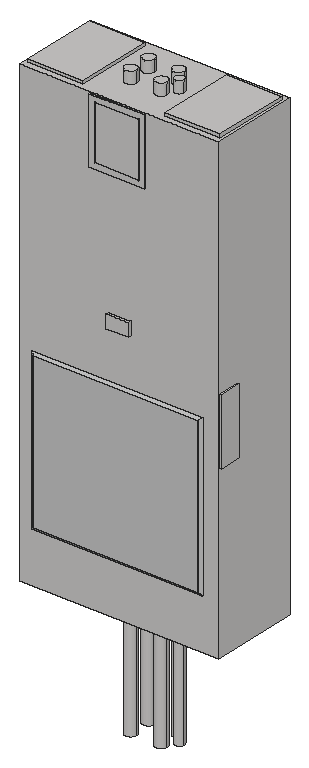
Revit family "Fan_Coil-Riser_Heat_Exchanger-Whalen-Vertical_Stacked-50_50", category Mechanical Equipment, Revit 2012
Parameters (values of type "1,600 CFM")
  zz YesNo 6 [instance] = not(and(zz YesNo 1, zz YesNo 3, zz YesNo 2, zz YesNo 5, zz YesNo 4))  # no
  zz YesNo 5 [instance] = zz Integer 2 = 1  # yes
  zz YesNo 4 [instance] = not(zz Integer 3 > 1)  # yes
  zz YesNo 3 [instance] = not(and(or(zz Integer 1 = 300, zz Integer 1 = 400, zz Integer 1 = 500, zz Integer 1 = 600), not(or(Risers are 0.75 Inch, Risers are 1.0 Inch))))  # yes
  zz YesNo 2 [instance] = not(and(or(zz Integer 1 = 401, zz Integer 1 = 501, zz Integer 1 = 601, zz Integer 1 = 800, zz Integer 1 = 1000, zz Integer 1 = 1200, zz Integer 1 = 1600), not(or(Risers are 1.25 Inch, Risers are 1.5 Inch, Risers are 2.0 Inch))))  # yes
  zz YesNo 1 [instance] = not(and(zz Integer 1 < 800, Motor is Full Range ECM Extra Low Control))  # yes
  zz Length 6 [instance] = zz Length 4 - 0.0625"  # 0.6250"
  zz Length 5 [instance] = if(Has Condensate Pump, 0.1250", 0.3750")  # 0.3750"
  zz Length 4 [instance] = if(or(zz Integer 1 = 300, zz Integer 1 = 400, zz Integer 1 = 500, zz Integer 1 = 600), if(Risers are 0.75 Inch, (0.7500" + (0.1250")) / 2, if(Risers are 1.0 Inch, (1.0000" + (0.1250")) / 2, (0.7500" + (0.1250")) / 2)), if(or(zz Integer 1 = 401, zz Integer 1 = 501, zz Integer 1 = 601, zz Integer 1 = 800, zz Integer 1 = 1000, zz Integer 1 = 1200, zz Integer 1 = 1600), if(Risers are 1.25 Inch, (1.2500" + (0.1250")) / 2, if(Risers are 1.5 Inch, (1.5000" + (0.1250")) / 2, if(Risers are 2.0 Inch, (2.0000" + (0.1250")) / 2, (1.2500" + (0.1250")) / 2))), 4.0000"))  # 0.6875"
  zz Length 3 [instance] = if(or(zz Integer 1 = 300, zz Integer 1 = 400, zz Integer 1 = 500, zz Integer 1 = 600), 24.0000", if(or(zz Integer 1 = 401, zz Integer 1 = 501, zz Integer 1 = 601), 28.0000", if(or(zz Integer 1 = 800, zz Integer 1 = 1000), 32.0000", if(or(zz Integer 1 = 1200, zz Integer 1 = 1600), 36.0000", 20.0000"))))  # 36.0000"
  zz Length 2 [instance] = if(zz Integer 1 < 1200, 14.0000", 16.0000")  # 16.0000"
  zz Length 1 [instance] = if(Unit is Short Height, 84.0000", 90.0000")  # 84.0000"
  zz Integer 3 [instance] = if(Has Outdoor Air Opening on Left, 1, 0) + if(Has Outdoor Air Opening on Right, 1, 0)  # 1
  zz Integer 2 [instance] = if(Risers are 0.75 Inch, 1, 0) + if(Risers are 1.0 Inch, 1, 0) + if(Risers are 1.25 Inch, 1, 0) + if(Risers are 1.5 Inch, 1, 0) + if(Risers are 2.0 Inch, 1, 0)  # 1
  zz Integer 1 = 1600
  zz ElectricalCurrent 2 [instance] = if(Motor is Standard Static PSC, if(zz Integer 1 = 300, 3.3 A, if(zz Integer 1 = 400, 3.3 A, if(zz Integer 1 = 401, 3.3 A, if(zz Integer 1 = 500, 3.3 A, if(zz Integer 1 = 501, 3.3 A, if(zz Integer 1 = 600, 3.3 A, if(zz Integer 1 = 601, 3.3 A, if(zz Integer 1 = 800, 4 A, if(zz Integer 1 = 1000, 4 A, if(zz Integer 1 = 1200, 5.8 A, if(zz Integer 1 = 1600, 7.5 A, 0 A))))))))))), if(Motor is Full Range ECM Extra Low Control, if(zz Integer 1 = 800, 10.5 A, if(zz Integer 1 = 1000, 10.5 A, if(zz Integer 1 = 1200, 15.5 A, if(zz Integer 1 = 1500, 15.5 A, 0 A)))), 0 A))  # 7.5 A
  zz ElectricalCurrent 1 [instance] = if(Motor is Standard Static PSC, if(zz Integer 1 = 300, 1.3 A, if(zz Integer 1 = 400, 1.3 A, if(zz Integer 1 = 401, 1.3 A, if(zz Integer 1 = 500, 1.3 A, if(zz Integer 1 = 501, 1.3 A, if(zz Integer 1 = 600, 1.3 A, if(zz Integer 1 = 601, 1.3 A, if(zz Integer 1 = 800, 1.3 A, if(zz Integer 1 = 1000, 1.8 A, if(zz Integer 1 = 1200, 1.8 A, if(zz Integer 1 = 1600, 3 A, 0 A))))))))))), if(Motor is Full Range ECM Extra Low Control, 8 A, 0 A))  # 3 A
  Width [instance] = zz Length 3  # 36.0000"
  Weight = 310.00 lbf
  Voltage is 265 V [instance] = no
  Voltage is 115 V [instance] = not(Voltage is 265 V)  # yes
  Voltage Selection [instance] = if(Voltage is 265 V, "Voltage is 265 V", "Voltage is 115 V")  # "Voltage is 115 V"
  Voltage [instance] = if(Voltage is 265 V, 265 V, 115 V)  # 115 V
  Unit is Short Height [instance] = not(Unit is Standard Height)  # yes
  Unit is Standard Height [instance] = no
  URL = "http://www.whalencompany.com/"
  Risers are 2.0 Inch [instance] = no
  Risers are 1.5 Inch [instance] = no
  Risers are 1.25 Inch [instance] = yes
  Risers are Insulated [instance] = yes
  Risers are 1.0 Inch [instance] = no
  Risers are 0.75 Inch [instance] = no
  Riser Size [instance] = if(zz Integer 2 > 1, "ERROR: Select only one riser size option", if(zz Integer 2 < 1, "ERROR: Select a riser size option", if(not(zz YesNo 3), "ERROR: Select a smaller riser size", if(not(zz YesNo 2), "ERROR: Select a larger riser size", if(Risers are 0.75 Inch, "0.75 Inch", if(Risers are 1.0 Inch, "1.0 Inch", if(Risers are 1.25 Inch, "1.25 Inch", if(Risers are 1.5 Inch, "1.5 Inch", if(Risers are 2.0 Inch, "2.0 Inch", "No Error")))))))))  # "1.25 Inch"
  Provide Feedback = "https://www.surveymonkey.com/s/T979TKY"
  Product Material = Steel - Whalen - Galvanized
  Product Documentation Link = "http://www.whalencompany.com/vertical_stack_fan_coil_equipment_5050.html"
  Power Factor = 0.8  # constant formula
  Motor Selection [instance] = if(and(zz Integer 1 < 800, Motor is Full Range ECM Extra Low Control), "ERROR: ECM motor not available on units less than 800 CFM", if(Motor is Standard Static PSC, "Standard Static PSC", "ECM Full Range Extra Low Control"))  # "Standard Static PSC"
  Minimum Circuit Ampacity [instance] = if(Voltage is 265 V, zz ElectricalCurrent 1, zz ElectricalCurrent 2)  # 7.5 A
  Has Rear Return Air [instance] = no
  Part Number [instance] = Model  # "W16022"
  Part Description [instance] = Description  # "50/50 Riser Heat-Exchanger Vertical Fan-Coil Units, 1600 CFM"
  Outdoor Air Configuration [instance] = if(zz YesNo 4, if(Has Outdoor Air Opening on Left, "Opening on the Left", if(Has Outdoor Air Opening on Right, "Opening on the Right", "Has No Outdoor Air")), "ERROR: Select only one outdoor air option")  # "Opening on the Right"
  Original Creation Date = "10/3/2013"  # constant formula
  Motor is Standard Static PSC [instance] = yes
  Motor is Full Range ECM Extra Low Control [instance] = not(Motor is Standard Static PSC)  # no
  Model Disclaimer = "Contact The Whalen Company for More Information"  # constant formula
  Load Classification = HVAC
  Model = if(zz Integer 1 = 300, "W3022", if(zz Integer 1 = 400, "W4022", if(zz Integer 1 = 401, "W4022X", if(zz Integer 1 = 500, "W5022", if(zz Integer 1 = 501, "W5022X", if(zz Integer 1 = 600, "W6022", if(zz Integer 1 = 601, "W6022X", if(zz Integer 1 = 800, "W8022", if(zz Integer 1 = 1000, "W10022", if(zz Integer 1 = 1200, "W12022", if(zz Integer 1 = 1600, "W16022", "Not Available")))))))))))  # "W16022"
  Manufacturer = "The Whalen Company"  # constant formula
  Height [instance] = zz Length 1  # 84.0000"
  Has Outdoor Air Opening on Right [instance] = yes
  Has Outdoor Air Opening on Left [instance] = no
  Has Condensate Pump [instance] = no
  Has Top Terminated Risers [instance] = no
  Gallons Per Minute [instance] = if(Risers are 0.75 Inch, 1.07 CFM, if(Risers are 1.0 Inch, 2.01 CFM, if(Risers are 1.25 Inch, 3.07 CFM, if(Risers are 1.5 Inch, 4.41 CFM, if(Risers are 2.0 Inch, 7.89 CFM, 0 CFM)))))  # 22.9652 GPM
  Frequency = 60 Hz  # constant formula
  Depth [instance] = zz Length 2  # 16.0000"
  Family Version = "1.1.0"  # constant formula
  Equipment Number [instance] = ""
  Equipment Abbreviation = "5050"
  Description = if(zz Integer 1 = 300, "50/50 Riser Heat-Exchanger Vertical Fan-Coil Units, 300 CFM", if(zz Integer 1 = 400, "50/50 Riser Heat-Exchanger Vertical Fan-Coil Units, 400 CFM", if(zz Integer 1 = 401, "50/50 Riser Heat-Exchanger Vertical Fan-Coil Units, 400 CFM", if(zz Integer 1 = 500, "50/50 Riser Heat-Exchanger Vertical Fan-Coil Units, 500 CFM", if(zz Integer 1 = 501, "50/50 Riser Heat-Exchanger Vertical Fan-Coil Units, 500 CFM", if(zz Integer 1 = 600, "50/50 Riser Heat-Exchanger Vertical Fan-Coil Units, 600 CFM", if(zz Integer 1 = 601, "50/50 Riser Heat-Exchanger Vertical Fan-Coil Units, 600 CFM", if(zz Integer 1 = 800, "50/50 Riser Heat-Exchanger Vertical Fan-Coil Units, 800 CFM", if(zz Integer 1 = 1000, "50/50 Riser Heat-Exchanger Vertical Fan-Coil Units, 1000 CFM", if(zz Integer 1 = 1200, "50/50 Riser Heat-Exchanger Vertical Fan-Coil Units, 1200 CFM", if(zz Integer 1 = 1600, "50/50 Riser Heat-Exchanger Vertical Fan-Coil Units, 1600 CFM", "Not Available")))))))))))  # "50/50 Riser Heat-Exchanger Vertical Fan-Coil Units, 1600 CFM"
  Date Last Modified = "1/8/2013"  # constant formula
  Copyright = "Copyright © The Whalen Company"  # constant formula
  Configuration Error [instance] = if(zz Integer 2 > 1, "ERROR: Select only one riser size option", if(zz Integer 2 < 1, "ERROR: Select a riser size option", if(not(zz YesNo 3), "ERROR: Select a smaller riser size", if(not(zz YesNo 2), "ERROR: Select a larger riser size", if(zz Integer 3 > 1, "ERROR: Select only one outdoor air option", if(not(zz YesNo 1), "ERROR: ECM motor not available on units less than 800 CFM", "No Error, consider Air Supply Selection if error box remains"))))))  # "No Error, consider Air Supply Selection if error box remains"
  Assembly Code = ""
  Apparent Load [instance] = Minimum Circuit Ampacity * Voltage  # 862.5 VA
  Air Supply Selection [instance] = Air Supply : Type V, Ducted
  Actual Supply Air Flow = 1600 CFM
  Actual Return Air Flow = 1600 CFM
  Actual Condensate Drain Flow [instance] = 0 GPM
Reference planes (in)
  plane 1 "Center (Front/Back)": y = 0
  plane 2 "Work Plane": z = 0
  plane 3 "Center (Left/Right)": x = 0
Dimensions and locks (in)
  aligned and locked: plane 2 "Work Plane" to level
Nested families (in)
  nested 1: "Air Supply" at (0, 0, 0), type <- "Air Supply Selection", Type <- "zz Integer 1", Risers are Insulated <- "Risers are Insulated", Riser Size Actual Radius <- "zz Length 4", Product Material <- "Product Material", Has Top Terminated Risers <- "Has Top Terminated Risers", Has Rear Return Air <- "Has Rear Return Air", Has Outdoor Air Opening on Right <- "Has Outdoor Air Opening on Right", Has Outdoor Air Opening on Left <- "Has Outdoor Air Opening on Left", Has Condensate Pump <- "Has Condensate Pump", Error From Parent <- "zz YesNo 6", Cabinet Width <- "zz Length 3", Cabinet Height <- "zz Length 1", Cabinet Depth <- "zz Length 2", Unit is Standard Height <- "Unit is Standard Height", type "Type V, Ducted"
    with Y3 10.0000", Y1 6.0000", X3 20.7500", X2 15.2500", X1 13.5000", W2 10.0000", W When Discharge 30.0000", W When Access 8.0000", W Actual 8.0000", Unit is Standard Height no, Unit is Short Height yes, Type 1600, Top Terminated Riser Line is Visible no, Top Riser Lines are Visible yes, Top Drain Lines are Visible yes, Top yes, Risers are Insulated yes, Riser Size Actual Radius With Insulation 1.0625", Riser Size Actual Radius 0.6875", Riser Size Actual Drain Radius With Insulation 0.8125", Riser Extension Top Lines 86.0000", Riser Extension Top Condensate 2.0000", Riser Extension Top 2.0000", Riser Extension Lower 22.0000", Return Grill Width 30.0000", Rear Return Air is Visible no, Rear Return Air Width 10.0000", Product Material Steel - Whalen - Galvanized, Outdoor Air is Visible yes, Outdoor Air Offset X 36.5000", Outdoor Air Offset 31.0000", Outdoor Air Height 12.0000", Has Top Terminated Risers no, Has Rear Return Air no, Has Outdoor Air Opening on Right yes, Has Outdoor Air Opening on Left no, Has Condensate Pump no, H When Discharge 4.0000", H When Access 10.0000", H Actual 10.0000", Front Flange is Visible no, Front no, Error From Parent no, Error Box is Visible no, Drain Z 3.0000", Drain Riser Line is Visible yes, Drain Connector Y 4.0000", Drain Angle 0.00°, D 14.0000", Connection Top Thermostat Z 6.7500", Connection Top Thermostat Y 3.7500", Connection Top Thermostat X 0.0000", Connection Top Thermostat Angle 0.00°, Connection Top Power Z 9.7500", Connection Top Power Y 3.7500", Connection Top Power X 36.0000", Connection Top Power Angle 180.00°, Connection Thermostat Right X 36.0000", Connection Thermostat Right Angle 180.00°, Connection Thermostat Left X 0.0000", Connection Thermostat Left Angle 0.00°, Connection P 9.7500", Connection D 3.7500", Condensate Pump is Visible no, Cabinet is Visible yes, Cabinet Width 36.0000", Cabinet Height 84.0000", Cabinet Depth 16.0000", Back no, Access Panel is Visible yes
Connectors (in)
  piping at (-2.75, 2, 86), driven by "zz Length 6"
    settings: on nested 1, index 1, connector radius 5/8", flow factor 0, pipe flow 0 GPM, pressure drop 0 Pa, fitting loss kfactor 0, connector angle 0.00°, fixture units 0, engagement length 0.0000", flow configuration 0, flow direction 0, fitting loss method 0, system type 29, joint type 0, gender type 0, connector reference index 8, connector utility 0, adjustable connector no, is connector primary yes, fitting loss table "", connector description "Return Left Top"
  piping at (-2.75, -2, 86), driven by "zz Length 6"
    settings: on nested 1, index 2, connector radius 5/8", flow factor 0, pipe flow 0 GPM, pressure drop 0 Pa, fitting loss kfactor 0, connector angle 0.00°, fixture units 0, engagement length 0.0000", flow configuration 0, flow direction 0, fitting loss method 0, system type 29, joint type 0, gender type 0, connector reference index 7, connector utility 0, adjustable connector no, is connector primary no, fitting loss table "", connector description "Supply Left Top"
  piping at (2.75, -2, 86), driven by "zz Length 6"
    settings: on nested 1, index 3, connector radius 5/8", flow factor 0, pipe flow 0 GPM, pressure drop 0 Pa, fitting loss kfactor 0, connector angle 0.00°, fixture units 0, engagement length 0.0000", flow configuration 0, flow direction 0, fitting loss method 0, system type 29, joint type 0, gender type 0, connector reference index 5, connector utility 0, adjustable connector no, is connector primary no, fitting loss table "", connector description "Supply Right Top"
  piping at (2.75, 2, 86), driven by "zz Length 6"
    settings: on nested 1, index 4, connector radius 5/8", flow factor 0, pipe flow 0 GPM, pressure drop 0 Pa, fitting loss kfactor 0, connector angle 0.00°, fixture units 0, engagement length 0.0000", flow configuration 0, flow direction 0, fitting loss method 0, system type 29, joint type 0, gender type 0, connector reference index 6, connector utility 0, adjustable connector no, is connector primary no, fitting loss table "", connector description "Return Right Top"
  piping at (2.75, -2, -22), driven by "zz Length 6"
    settings: on nested 1, index 5, connector radius 5/8", flow factor 0, pipe flow 0 GPM, pressure drop 0 Pa, fitting loss kfactor 0, connector angle 0.00°, fixture units 0, engagement length 0.0000", flow configuration 0, flow direction 0, fitting loss method 0, system type 29, joint type 0, gender type 0, connector reference index 3, connector utility 0, adjustable connector no, is connector primary no, fitting loss table "", connector description "Supply Right Bottom"
  piping at (2.75, 2, -22), driven by "zz Length 6"
    settings: on nested 1, index 6, connector radius 5/8", flow factor 0, pipe flow 0 GPM, pressure drop 0 Pa, fitting loss kfactor 0, connector angle 0.00°, fixture units 0, engagement length 0.0000", flow configuration 0, flow direction 0, fitting loss method 0, system type 29, joint type 0, gender type 0, connector reference index 4, connector utility 0, adjustable connector no, is connector primary no, fitting loss table "", connector description "Return Right Bottom"
  piping at (-2.75, -2, -22), driven by "zz Length 6"
    settings: on nested 1, index 7, connector radius 5/8", flow factor 0, pipe flow 0 GPM, pressure drop 0 Pa, fitting loss kfactor 0, connector angle 0.00°, fixture units 0, engagement length 0.0000", flow configuration 0, flow direction 0, fitting loss method 0, system type 29, joint type 0, gender type 0, connector reference index 2, connector utility 0, adjustable connector no, is connector primary no, fitting loss table "", connector description "Supply Left Bottom"
  piping at (-2.75, 2, -22), driven by "zz Length 6"
    settings: on nested 1, index 8, connector radius 5/8", flow factor 0, pipe flow 0 GPM, pressure drop 0 Pa, fitting loss kfactor 0, connector angle 0.00°, fixture units 0, engagement length 0.0000", flow configuration 0, flow direction 0, fitting loss method 0, system type 29, joint type 0, gender type 0, connector reference index 1, connector utility 0, adjustable connector no, is connector primary no, fitting loss table "", connector description "Return Left Bottom"
  piping at (4.5, -4, 3), driven by "Actual Condensate Drain Flow", driven by "zz Length 5"
    settings: on nested 1, index 9, connector radius 3/8", flow factor 0, pipe flow 0 GPM, pressure drop 0 Pa, fitting loss kfactor 0, connector angle 0.00°, fixture units 0, engagement length 0.0000", flow configuration 1, flow direction 2, fitting loss method 0, system type 16, joint type 0, gender type 0, connector reference index -1, connector utility 0, adjustable connector no, is connector primary no, fitting loss table "", connector description "Drain"
  cabletrayconduit at (18, -4.25, 9.75)
    settings: on nested 1, index 10, connector width 12.0000", connector height 12.0000", connector radius 0.2500", connector angle 0.00°, system type 32, placement type 0, profile type 0, connector reference index -1, is primary connector yes, connector utility param no, connector description "Side Power Right"
  cabletrayconduit at (-18, -4.25, 6.75)
    settings: on nested 1, index 11, connector width 12.0000", connector height 12.0000", connector radius 0.2500", connector angle 0.00°, system type 32, placement type 0, profile type 0, connector reference index -1, is primary connector no, connector utility param no, connector description "Optional Remote Thermostat Right"
  cabletrayconduit at (-18, -4.25, 9.75)
    settings: on nested 1, index 12, connector width 12.0000", connector height 12.0000", connector radius 0.2500", connector angle 0.00°, system type 32, placement type 0, profile type 0, connector reference index -1, is primary connector no, connector utility param no, connector description "Side Power Left"
  cabletrayconduit at (-18, -4.25, 6.75)
    settings: on nested 1, index 13, connector width 12.0000", connector height 12.0000", connector radius 0.2500", connector angle 0.00°, system type 32, placement type 0, profile type 0, connector reference index -1, is primary connector no, connector utility param no, connector description "Optional Remote Thermostat Left"
  cabletrayconduit at (18, -4.25, 9.75)
    settings: on nested 1, index 14, connector width 12.0000", connector height 12.0000", connector radius 0.2500", connector angle 0.00°, system type 32, placement type 0, profile type 0, connector reference index -1, is primary connector no, connector utility param no, connector description "Optional Top Power"
  cabletrayconduit at (-18, -4.25, 6.75)
    settings: on nested 1, index 15, connector width 12.0000", connector height 12.0000", connector radius 0.2500", connector angle 0.00°, system type 32, placement type 0, profile type 0, connector reference index -1, is primary connector no, connector utility param no, connector description "Optional Top Thermostat"
  electrical at (0, 0, 0), driven by "Load Classification", driven by "Voltage", driven by "Apparent Load", driven by "Power Factor"
    settings: index 16, voltage 115 V, apparent load 862.5 VA, apparent load phase1 0 VA, apparent load phase2 0 VA, apparent load phase3 0 VA, power factor 0.8, load classification "HVAC", number of poles 1, system type 30, power factor state 1, is connector primary yes, connector utility no, sub classification motor no, connector description "Unit Power"
Definition of nested family "Air Supply"
  Parameters (values of type "Type V, Ducted")
    Unit is Standard Height [instance] = yes
    Unit is Short Height [instance] = not(Unit is Standard Height)  # no
    Type Discharge = 5
    Y3 [instance] = if(Type = 300, 8.2500", if(Type = 400, 8.2500", if(Type = 401, 9.0000", if(Type = 500, 8.2500", if(Type = 501, 9.0000", if(Type = 600, 8.2500", if(Type = 601, 9.0000", if(Type = 800, 9.0000", if(Type = 1000, 9.0000", if(Type = 1200, 10.0000", if(Type = 1600, 10.0000", 0.0000")))))))))))  # 10.0000"
    Y1 [instance] = if(Type = 300, 5.7500", if(Type = 400, 5.7500", if(Type = 401, 5.0000", if(Type = 500, 5.7500", if(Type = 501, 5.0000", if(Type = 600, 5.7500", if(Type = 601, 5.0000", if(Type = 800, 5.0000", if(Type = 1000, 5.0000", if(Type = 1200, 6.0000", if(Type = 1600, 6.0000", 0.0000")))))))))))  # 6.0000"
    X3 [instance] = if(Type = 300, 13.7500", if(Type = 400, 13.7500", if(Type = 401, 16.7500", if(Type = 500, 13.7500", if(Type = 501, 16.7500", if(Type = 600, 13.7500", if(Type = 601, 16.7500", if(Type = 800, 18.7500", if(Type = 1000, 18.7500", if(Type = 1200, 20.7500", if(Type = 1600, 20.7500", 0.0000")))))))))))  # 20.7500"
    X2 [instance] = if(Type = 300, 10.2500", if(Type = 400, 10.2500", if(Type = 401, 11.2500", if(Type = 500, 10.2500", if(Type = 501, 11.2500", if(Type = 600, 10.2500", if(Type = 601, 11.2500", if(Type = 800, 13.2500", if(Type = 1000, 13.2500", if(Type = 1200, 15.2500", if(Type = 1600, 15.2500", 0.0000")))))))))))  # 15.2500"
    X1 [instance] = if(Has Condensate Pump, if(or(Type = 300, Type = 400, Type = 500, Type = 600), 11.5000", if(or(Type = 401, Type = 501, Type = 601), 13.0000", if(or(Type = 800, Type = 1000), 15.0000", if(or(Type = 1200, Type = 1600), 17.0000", 5.0000")))), if(not(Has Condensate Pump), if(or(Type = 300, Type = 400, Type = 500, Type = 600), 9.0000", if(or(Type = 401, Type = 501, Type = 601), 9.5000", if(or(Type = 800, Type = 1000), 11.5000", if(or(Type = 1200, Type = 1600), 13.5000", 5.0000")))), 5.0000"))  # 13.5000"
    Type [instance] = 1600
    Top Terminated Riser Line is Visible [instance] = and(Has Top Terminated Risers, not(Error Box is Visible))  # no
    Rear Return Air is Visible [instance] = and(not(Error Box is Visible), Has Rear Return Air)  # yes
    Rear Return Air Width [instance] = if(Type < 800, 8.0000", 10.0000")  # 10.0000"
    Outdoor Air Offset X [instance] = if(Has Outdoor Air Opening on Left, 0.0000", Cabinet Width + 0.5000")  # 36.5000"
    Outdoor Air Offset [instance] = if(Type < 1200, 4.0000", 31.0000")  # 31.0000"
    Outdoor Air Height [instance] = if(Type < 602, 10.0000", 12.0000")  # 12.0000"
    Has Rear Return Air [instance] = yes
    Outdoor Air is Visible [instance] = and(or(Has Outdoor Air Opening on Left, Has Outdoor Air Opening on Right), not(Error Box is Visible))  # no
    Front Flange is Visible [instance] = and(or(Type Discharge = 1, Type Discharge = 2), not(Error Box is Visible))  # no
    Error From Parent [instance] = no
    Error Box is Visible [instance] = Error From Parent  # no
    Connection Top Thermostat Z [instance] = if(and(Type Discharge = 5, Unit is Short Height), Connection P - 3.0000", Cabinet Height)  # 90.0000"
    Connection Top Thermostat Y [instance] = if(and(Type Discharge = 5, Unit is Short Height), Connection D, if(Type Discharge = 5, 1.5000", Cabinet Depth - 4.0000"))  # 1.5000"
    Connection Top Thermostat X [instance] = if(and(Type Discharge = 5, Unit is Short Height), if(Has Outdoor Air Opening on Right, 0.0000", Cabinet Width), if(Type Discharge = 5, (Cabinet Width / 2) + 2.0000", 4.0000"))  # 20.0000"
    Connection Top Power Z [instance] = if(and(Type Discharge = 5, Unit is Short Height), Connection P, Cabinet Height)  # 90.0000"
    Connection Top Power Y [instance] = if(and(Type Discharge = 5, Unit is Short Height), Connection D, if(Type Discharge = 5, 1.5000", 4.0000"))  # 1.5000"
    Connection Top Power X [instance] = if(and(Type Discharge = 5, Unit is Short Height), Cabinet Width, if(Type Discharge = 5, (Cabinet Width / 2) - 2.0000", 4.0000"))  # 16.0000"
    Connection Top Thermostat Angle [instance] = if(and(Type Discharge = 5, Unit is Short Height), if(Has Outdoor Air Opening on Right, 0.00°, 180.00°), 90.00°)  # 90.00°
    Connection Top Power Angle [instance] = if(and(Type Discharge = 5, Unit is Short Height), 180.00°, 90.00°)  # 90.00°
    Connection Thermostat Right Angle [instance] = if(Has Outdoor Air Opening on Right, 180.00°, 0.00°)  # 0.00°
    Connection Thermostat Left Angle [instance] = if(Has Outdoor Air Opening on Left, 180.00°, 0.00°)  # 0.00°
    Condensate Pump is Visible [instance] = and(Has Condensate Pump, not(Error Box is Visible))  # no
    Cabinet is Visible [instance] = not(Error Box is Visible)  # yes
    Cabinet Width [instance] = 36.0000"
    W2 [instance] = if(or(Type = 300, Type = 400, Type = 401, Type = 500, Type = 501, Type = 600, Type = 601), 6.0000", if(or(Type = 800, Type = 1000), 8.0000", if(or(Type = 1200, Type = 1600), 10.0000", 4.0000")))  # 10.0000"
    W When Discharge [instance] = if(or(Type = 300, Type = 400, Type = 401, Type = 500, Type = 501, Type = 600, Type = 601), 18.0000", if(or(Type = 800, Type = 1000), 26.0000", if(or(Type = 1200, Type = 1600), 30.0000", 4.0000")))  # 30.0000"
    W When Access [instance] = if(Type < 1200, 10.0000", 8.0000")  # 8.0000"
    W Actual [instance] = if(Type Discharge = 5, W When Access, W When Discharge)  # 8.0000"
    Top Riser Lines are Visible [instance] = and(not(Has Top Terminated Risers), not(Error Box is Visible))  # yes
    Top Drain Lines are Visible [instance] = and(not(and(Has Top Terminated Risers, not(Has Condensate Pump))), not(Error Box is Visible))  # yes
    Top [instance] = and(Type Discharge = 5, not(Error Box is Visible))  # yes
    Risers are Insulated [instance] = yes
    Riser Size Actual Radius With Insulation [instance] = if(Risers are Insulated, Riser Size Actual Radius + 0.3750", Riser Size Actual Radius)  # 1.0625"
    Riser Size Actual Radius [instance] = 0.6875"
    Riser Size Actual Drain Radius With Insulation [instance] = if(Has Condensate Pump, 0.1250", if(Risers are Insulated, 0.4375" + 0.3750", 0.4375"))  # 0.8125"
    Riser Extension Top Lines [instance] = if(Has Top Terminated Risers, Cabinet Height - 4.0000", Cabinet Height + 2.0000")  # 92.0000"
    Riser Extension Top Condensate [instance] = if(Has Condensate Pump, 0.0000", if(Has Top Terminated Risers, 0.0000", 2.0000"))  # 2.0000"
    Riser Extension Top [instance] = if(Has Top Terminated Risers, 0.0000", 2.0000")  # 2.0000"
    Riser Extension Lower [instance] = if(Has Condensate Pump, 0.0000", if(Unit is Standard Height, 16.0000", if(Unit is Short Height, 22.0000", 4.0000")))  # 16.0000"
    Return Grill Width [instance] = if(Type = 300, 18.0000", if(Type = 400, 18.0000", if(Type = 401, 24.0000", if(Type = 500, 18.0000", if(Type = 501, 24.0000", if(Type = 600, 18.0000", if(Type = 601, 24.0000", if(Type = 800, 26.0000", if(Type = 1000, 26.0000", if(Type = 1200, 30.0000", if(Type = 1600, 30.0000", 0.0000")))))))))))  # 30.0000"
    Product Material [instance] = Steel - Whalen - Galvanized
    Cabinet Height [instance] = 90.0000"
    Has Top Terminated Risers [instance] = no
    Has Outdoor Air Opening on Right [instance] = no
    Has Outdoor Air Opening on Left [instance] = no
    Has Condensate Pump [instance] = no
    H When Discharge [instance] = if(Type Discharge = 1, if(or(Type = 300, Type = 400, Type = 401), 8.0000", if(or(Type = 500, Type = 501, Type = 600, Type = 601, Type = 800, Type = 1000, Type = 1200), 10.0000", if(Type = 1600, 12.0000", 4.0000"))), if(Type Discharge = 2, if(or(Type = 300, Type = 400, Type = 401), 4.0000", if(or(Type = 500, Type = 501, Type = 600, Type = 601, Type = 800, Type = 1000, Type = 1200), 5.0000", if(Type = 1600, 6.0000", 4.0000"))), 4.0000"))  # 4.0000"
    H When Access [instance] = if(Type < 1200, 8.0000", 10.0000")  # 10.0000"
    H Actual [instance] = if(Type Discharge = 5, H When Access, H When Discharge)  # 10.0000"
    Front [instance] = and(or(Type Discharge = 1, Type Discharge = 2), not(Error Box is Visible))  # no
    Drain Z [instance] = if(Has Condensate Pump, Cabinet Height, 3.0000")  # 3.0000"
    Drain Riser Line is Visible [instance] = and(not(Has Condensate Pump), not(Error Box is Visible))  # yes
    Drain Connector Y [instance] = if(Has Condensate Pump, Cabinet Depth / 2, (Cabinet Depth / 2) - 4.0000")  # 4.0000"
    Drain Angle [instance] = if(Has Condensate Pump, 90.00°, 0.00°)  # 0.00°
    Cabinet Depth [instance] = 16.0000"
    D [instance] = if(Type < 1200, 12.0000", 14.0000")  # 14.0000"
    Connection Thermostat Right X [instance] = if(Has Outdoor Air Opening on Right, Cabinet Width, 0.0000")  # 0.0000"
    Connection Thermostat Left X [instance] = if(Has Outdoor Air Opening on Left, Cabinet Width, 0.0000")  # 0.0000"
    Connection P [instance] = if(Type = 300, 17.5000", if(Type = 400, 17.5000", if(Type = 401, 17.5000", if(Type = 500, 17.5000", if(Type = 501, 17.5000", if(Type = 600, 17.5000", if(Type = 601, 17.5000", if(Type = 800, 17.5000", if(Type = 1000, 17.5000", if(Type = 1200, 9.7500", if(Type = 1600, 9.7500", 0.0000")))))))))))  # 9.7500"
    Connection D [instance] = if(Type = 300, 4.0000", if(Type = 400, 4.0000", if(Type = 401, 3.2500", if(Type = 500, 4.0000", if(Type = 501, 3.2500", if(Type = 600, 4.0000", if(Type = 601, 3.2500", if(Type = 800, 3.7500", if(Type = 1000, 3.7500", if(Type = 1200, 3.7500", if(Type = 1600, 3.7500", 0.0000")))))))))))  # 3.7500"
    Back [instance] = and(Type Discharge = 2, not(Error Box is Visible))  # no
    Access Panel is Visible [instance] = and(Type Discharge = 5, not(Error Box is Visible))  # yes
  Types (3): name | Type Discharge | Y3 | Y1 | X3 | X2 | X1 | Type | Top Terminated Riser Line is Visible | Rear Return Air is Visible | Rear Return Air Width | Outdoor Air Offset X | Outdoor Air Offset | Outdoor Air Height | Has Rear Return Air | Outdoor Air is Visible | Front Flange is Visible | Connection Top Thermostat Z | Connection Top Thermostat Y | Connection Top Thermostat X | Connection Top Power Z | Connection Top Power Y | Connection Top Power X | Connection Thermostat Right Angle | Connection Thermostat Left Angle | Condensate Pump is Visible | Cabinet Width | W2 | W When Discharge | W When Access | W Actual | Top Riser Lines are Visible | Top | Riser Size Actual Radius With Insulation | Riser Size Actual Radius | Riser Size Actual Drain Radius With Insulation | Riser Extension Top Lines | Riser Extension Top Condensate | Riser Extension Top | Riser Extension Lower | Return Grill Width | Cabinet Height | Has Top Terminated Risers | Has Outdoor Air Opening on Right | Has Outdoor Air Opening on Left | Has Condensate Pump | H When Discharge | H When Access | H Actual | Front | Drain Z | Drain Riser Line is Visible | Drain Connector Y | Drain Angle | Cabinet Depth | D | Connection Thermostat Right X | Connection Thermostat Left X | Connection P | Connection D | Back | Access Panel is Visible
    Type I, Front Discharge | 1 | 8.2500" | 5.7500" | 13.7500" | 10.2500" | 9.0000" | 300 | no | no | 8.0000" | 30.5000" | 4.0000" | 10.0000" | no | no | yes | 90.0000" | 12.0000" | 4.0000" | 90.0000" | 4.0000" | 4.0000" | 0.00° | 0.00° | no | 30.0000" | 6.0000" | 18.0000" | 10.0000" | 18.0000" | yes | no | 0.3750" | 0.0000" | 0.8125" | 92.0000" | 2.0000" | 2.0000" | 16.0000" | 18.0000" | 90.0000" | no | no | no | no | 8.0000" | 8.0000" | 8.0000" | yes | 3.0000" | yes | 4.0000" | 0.00° | 16.0000" | 12.0000" | 0.0000" | 0.0000" | 17.5000" | 4.0000" | no | no
    Type II, Front & Rear Discharge | 2 | 8.2500" | 5.7500" | 13.7500" | 10.2500" | 11.5000" | 300 | yes | yes | 8.0000" | 0.0000" | 4.0000" | 10.0000" | yes | yes | yes | 40.0000" | 30.0000" | 4.0000" | 40.0000" | 4.0000" | 4.0000" | 180.00° | 180.00° | yes | 42.0000" | 6.0000" | 18.0000" | 10.0000" | 18.0000" | no | no | 0.3750" | 0.0000" | 0.1250" | 36.0000" | 0.0000" | 0.0000" | 0.0000" | 18.0000" | 40.0000" | yes | yes | yes | yes | 4.0000" | 8.0000" | 4.0000" | yes | 40.0000" | no | 17.0000" | 90.00° | 34.0000" | 12.0000" | 42.0000" | 42.0000" | 17.5000" | 4.0000" | yes | no
    Type V, Ducted | 5 | 10.0000" | 6.0000" | 20.7500" | 15.2500" | 13.5000" | 1600 | no | yes | 10.0000" | 36.5000" | 31.0000" | 12.0000" | yes | no | no | 90.0000" | 1.5000" | 20.0000" | 90.0000" | 1.5000" | 16.0000" | 0.00° | 0.00° | no | 36.0000" | 10.0000" | 30.0000" | 8.0000" | 8.0000" | yes | yes | 1.0625" | 0.6875" | 0.8125" | 92.0000" | 2.0000" | 2.0000" | 16.0000" | 30.0000" | 90.0000" | no | no | no | no | 4.0000" | 10.0000" | 10.0000" | no | 3.0000" | yes | 4.0000" | 0.00° | 16.0000" | 14.0000" | 0.0000" | 0.0000" | 9.7500" | 3.7500" | no | yes
  Reference planes (in)
    plane 1 "Center (Front/Back)": y = 0
    plane 2: z = 0
    plane 3 "Center (Left/Right)": x = 0
    plane 4 "Left": x = -18
    plane 5 "Back": y = 8
    plane 6 "Front": y = -8
    plane 7 "Right": x = 18
    plane 8 "Top": z = 90
    plane 9: z = 89
    plane 10: z = 79
    plane 11: x = -4
    plane 12: x = 4
    plane 13: y = 7
    plane 14: y = -7
    plane 15: x = -17.375
    plane 16: x = 17.375
    plane 17: x = -7.375
    plane 18: x = 7.375
    plane 19 "Access Panel Front": y = -8.625
    plane 20: y = 8.5
    plane 21: z = 90.5
    plane 22 "Connection Power Z": z = 9.75
    plane 23 "Connection Thermostat Z": z = 6.75
    plane 24 "Connection Power Left X": x = -18
    plane 25 "Connection Thermostat Right X": x = 18
    plane 26 "Connection Power Y": y = -4.25
    plane 27 "Connection Thermostat Y": y = -4.25
    plane 28 "Connection Thermostat Left X": x = -18
    plane 29 "Connection Power Right X": x = 18
    plane 30 "Return Grill Left": x = -15
    plane 31 "Return Grill Right": x = 15
    plane 32 "Return Grill Bottom": z = 10
    plane 33 "Return Grill Top": z = 38
    plane 34 "Thermostat": z = 48
    plane 35 "Grill Front": y = -9
    plane 36: y = -8.5
    plane 37 "Risers Bottom": z = -16
    plane 38 "Top of Model Lines": z = 92
    plane 39 "Condensate Pump": z = 92
    plane 40 "Top of Risers": z = 92
    plane 41 "Drain Z": z = 3
    plane 42 "Connections on Left": x = -2.75
    plane 43 "Connections on Right": x = 2.75
    plane 44 "Drain Connection X": x = 4.5
    plane 45 "Supply Y": y = -2
    plane 46 "Return Y": y = 2
    plane 47 "Drain Connector Y": y = -4
    plane 48 "Outdoor Air Offset": z = 31
    plane 49 "Outdoor Air Height": z = 43
    plane 50 "Rear Return Air Bottom": z = 2
    plane 51 "Rear Return Air Top": z = 12
    plane 52 "Rear Return Air Left Left": x = -17.5
    plane 53 "Rear Return Left Right": x = -7.5
    plane 54 "Rear Return Right Right": x = 17.5
    plane 55 "Rear Return Right Left": x = 7.5
    plane 56 "Outdoor Air": x = 18.5
    plane 57 "Outdoor Air Y": y = -4
    plane 58 "Top Power X": x = -2
    plane 59 "Top Thermostat X": x = 2
    plane 60 "Top Thermostat Y": y = -6.5
    plane 61 "Top Power Y": y = -6.5
    plane 62 "Top Connections Thermostat Z": z = 90
    plane 63 "Top Connections Power Z": z = 90
  Forms (in)
    Extrusion 1, solid, material "Anodized Aluminum - Whalen - Clear", visible <- "Front Flange is Visible", detail levels medium+fine
      sketch origin (0, 0, 0) x (1, 0, 0) y (0, 1, 0)
        loop
          line (-4, -8) -> (-4, -9) -> (4, -9) -> (4, -8) -> (-4, -8)
      from 79 to 89
    Sweep 2, solid, material "Anodized Aluminum - Whalen - Clear", visible <- "Front Flange is Visible", detail levels medium+fine
      path in 3D
        loop
          line (4, -9, 89) -> (4, -9, 79) -> (-4, -9, 79) -> (-4, -9, 89) -> (4, -9, 89)
      profile origin (0, -9, 89) x (0, 1, 0) y (0, 0, 1)
        loop
          line (0, 0) -> (0.5, 0) -> (0.5, 0.5) -> (0, 0)
    Extrusion 3, solid, material "Steel - Whalen - Galvanized" <- "Product Material", visible <- "Back", detail levels medium+fine
      sketch origin (0, 0, 0) x (1, 0, 0) y (0, 1, 0)
        loop
          line (-4, 8.5) -> (-4, 8) -> (4, 8) -> (4, 8.5) -> (-4, 8.5)
      from 79 to 89
    Extrusion 4, solid, material "Steel - Whalen - Galvanized" <- "Product Material", visible <- "Top", detail levels medium+fine
      sketch origin (-60, -180, 90) x (-1, 0, 0) y (0, -1, 0)
        loop
          line (-42.625, -187) -> (-42.625, -173) -> (-52.625, -173) -> (-52.625, -187) -> (-42.625, -187)
      from 0 to 0.5
    Extrusion 5, solid, material "Steel - Whalen - Galvanized" <- "Product Material", visible <- "Top", detail levels medium+fine
      sketch origin (60, -180, 90) x (1, 0, 0) y (0, 1, 0)
        loop
          line (-42.625, 187) -> (-52.625, 187) -> (-52.625, 173) -> (-42.625, 173) -> (-42.625, 187)
      from 0 to 0.5
    Extrusion 6, solid, material "Error Box", visible <- "Error Box is Visible"
      sketch origin (0, 0, 0) x (1, 0, 0) y (0, 1, 0)
        loop
          line (-18, 8) -> (-18, -8) -> (18, -8) -> (18, 8) -> (-18, 8)
      from 0 to 90
    Sweep 7, solid, material "Steel - Whalen - Galvanized" <- "Product Material", not visible, detail levels fine
      path in 3D
        loop
          line (-18, -4.25, 6.75) -> (-14.5, -4.25, 6.75)
      profile origin (-16.25, -4.25, 6.75) x (0, 0, 1) y (0, -1, 0)
        loop
          circle (0, 0) r 0.25
    Sweep 8, solid, material "Steel - Whalen - Galvanized" <- "Product Material", not visible, detail levels fine
      path in 3D
        loop
          line (18, -4.25, 6.75) -> (14.5, -4.25, 6.75)
      profile origin (16.25, -4.25, 6.75) x (0, 0, 1) y (0, 1, 0)
        loop
          circle (0, 0) r 0.25
    Sweep 9, solid, material "Steel - Whalen - Galvanized" <- "Product Material", not visible, detail levels fine
      path in 3D
        loop
          line (-18, -4.25, 9.75) -> (-14.5, -4.25, 9.75)
      profile origin (-16.25, -4.25, 9.75) x (0, 0, 1) y (0, -1, 0)
        loop
          circle (0, 0) r 0.25
    Sweep 10, solid, material "Steel - Whalen - Galvanized" <- "Product Material", not visible, detail levels fine
      path in 3D
        loop
          line (18, -4.25, 9.75) -> (14.5, -4.25, 9.75)
      profile origin (16.25, -4.25, 9.75) x (0, 0, -1) y (0, -1, 0)
        loop
          circle (0, 0) r 0.25
    Sweep 11, solid, material "Steel - Whalen - Galvanized" <- "Product Material", visible <- "Access Panel is Visible", detail levels medium+fine
      path in 3D
        loop
          line (4, -8.625, 89) -> (4, -8.625, 79) -> (-4, -8.625, 79) -> (-4, -8.625, 89) -> (4, -8.625, 89)
      profile origin (0, -8.625, 89) x (0, 1, 0) y (0, 0, 1)
        loop
          line (0, 0) -> (0.125, 0) -> (0.125, 1) -> (0, 1) -> (0, 0)
    Extrusion 12, solid, material "Steel - Whalen - Galvanized" <- "Product Material", visible <- "Cabinet is Visible"
      sketch origin (0, 0, 0) x (1, 0, 0) y (0, 1, 0)
        loop
          line (-18, 8) -> (-18, -8) -> (18, -8) -> (18, 8) -> (-18, 8)
      from 0 to 90
    Extrusion 13, solid, material "Steel - Whalen - Galvanized" <- "Product Material", visible <- "Access Panel is Visible", detail levels medium+fine
      sketch origin (0, 0, 0) x (1, 0, 0) y (0, 1, 0)
        loop
          line (-4, -8) -> (-4, -8.625) -> (4, -8.625) -> (4, -8) -> (-4, -8)
      from 79 to 89
    Extrusion 14, solid, material "Anodized Aluminum - Whalen - Clear", visible <- "Cabinet is Visible", detail levels medium+fine
      sketch origin (-60, -180, 10) x (-1, 0, 0) y (0, -1, 0)
        loop
          line (-45, -172) -> (-45, -171) -> (-75, -171) -> (-75, -172) -> (-45, -172)
      from 0 to 28
    Sweep 15, solid, material "Anodized Aluminum - Whalen - Clear", visible <- "Cabinet is Visible", detail levels medium+fine
      path in 3D
        loop
          line (-15, -9, 10) -> (15, -9, 10) -> (15, -9, 38) -> (-15, -9, 38) -> (-15, -9, 10)
      profile origin (-15, -9, 24) x (-1, 0, 0) y (0, -1, 0)
        loop
          line (0, 0) -> (0, -0.5) -> (0.5, -0.5) -> (0, 0)
    Extrusion 16, solid, material "Steel - Whalen - Galvanized" <- "Product Material", visible <- "Cabinet is Visible", detail levels medium+fine
      sketch origin (-60, -8, 48) x (-1, 0, 0) y (0, 0, -1)
        loop
          line (-58, -1.1875) -> (-58, 1.1875) -> (-62, 1.1875) -> (-62, -1.1875) -> (-58, -1.1875)
      from 0 to 0.5
    Extrusion 17, void
      sketch origin (0, 0, 0) x (1, 0, 0) y (0, 1, 0)
        loop
          line (-18, 8) -> (-18, -8) -> (18, -8) -> (18, 8) -> (-18, 8)
      from 0 to 90
    Extrusion 18, solid, material "Steel - Whalen - Galvanized" <- "Product Material", visible <- "Cabinet is Visible", detail levels fine
      sketch origin (-60, -180, -16) x (-1, 0, 0) y (0, -1, 0)
        loop
          circle (-57.25, -182) r 1.0625
      from 0 to 108
    Extrusion 19, solid, material "Steel - Whalen - Galvanized" <- "Product Material", visible <- "Cabinet is Visible", detail levels fine
      sketch origin (-60, -180, -16) x (-1, 0, 0) y (0, -1, 0)
        loop
          circle (-62.75, -182) r 1.0625
      from 0 to 108
    Extrusion 20, solid, material "Steel - Whalen - Galvanized" <- "Product Material", visible <- "Cabinet is Visible", detail levels fine
      sketch origin (-60, -180, -16) x (-1, 0, 0) y (0, -1, 0)
        loop
          circle (-57.25, -178) r 1.0625
      from 0 to 108
    Extrusion 21, solid, material "Steel - Whalen - Galvanized" <- "Product Material", visible <- "Cabinet is Visible", detail levels fine
      sketch origin (-60, -180, -16) x (-1, 0, 0) y (0, -1, 0)
        loop
          circle (-62.75, -178) r 1.0625
      from 0 to 108
    Extrusion 22, solid, material "Steel - Whalen - Galvanized" <- "Product Material", visible <- "Cabinet is Visible", detail levels fine
      sketch origin (-60, -180, -16) x (-1, 0, 0) y (0, -1, 0)
        loop
          circle (-64.5, -180) r 0.8125
      from 0 to 108
    Extrusion 23, solid, material "Steel - Whalen - Galvanized" <- "Product Material", not visible, detail levels fine
      sketch origin (-60, -180, -16) x (-1, 0, 0) y (0, -1, 0)
        loop
          circle (-57.25, -182) r 1.5
      from 0 to 108
    Extrusion 24, solid, material "Steel - Whalen - Galvanized" <- "Product Material", not visible, detail levels fine
      sketch origin (-60, -180, -16) x (-1, 0, 0) y (0, -1, 0)
        loop
          circle (-57.25, -178) r 1.5
      from 0 to 108
    Extrusion 25, solid, material "Steel - Whalen - Galvanized" <- "Product Material", not visible, detail levels fine
      sketch origin (-60, -180, -16) x (-1, 0, 0) y (0, -1, 0)
        loop
          circle (-62.75, -182) r 1.5
      from 0 to 108
    Extrusion 26, solid, material "Steel - Whalen - Galvanized" <- "Product Material", not visible, detail levels fine
      sketch origin (-60, -180, -16) x (-1, 0, 0) y (0, -1, 0)
        loop
          circle (-62.75, -178) r 1.5
      from 0 to 108
    Sweep 27, solid, material "Steel - Whalen - Galvanized" <- "Product Material", not visible, detail levels fine
      path in 3D
        loop
          line (4.5, -4, 3) -> (4.5, -8, 3)
      profile origin (4.5, -6, 3) x (0, 0, 1) y (-1, 0, 0)
        loop
          circle (0, 0) r 0.3575
    Extrusion 28, solid, material "Steel - Whalen - Galvanized" <- "Product Material", visible <- "Rear Return Air is Visible", detail levels medium+fine
      sketch origin (-60, -180, 2) x (-1, 0, 0) y (0, -1, 0)
        loop
          line (-42.5, -188.5) -> (-42.5, -188) -> (-52.5, -188) -> (-52.5, -188.5) -> (-42.5, -188.5)
      from 0 to 10
    Extrusion 29, solid, material "Steel - Whalen - Galvanized" <- "Product Material", visible <- "Rear Return Air is Visible", detail levels medium+fine
      sketch origin (-60, -180, 2) x (-1, 0, 0) y (0, -1, 0)
        loop
          line (-67.5, -188.5) -> (-67.5, -188) -> (-77.5, -188) -> (-77.5, -188.5) -> (-67.5, -188.5)
      from 0 to 10
    Sweep 30, solid, material "Steel - Whalen - Galvanized" <- "Product Material", not visible, detail levels fine
      path in 3D
        loop
          line (-2, -6.5, 90) -> (-2, -6.5, 86)
      profile origin (-2, -6.5, 88) x (0, 1, 0) y (-1, 0, 0)
        loop
          circle (0, 0) r 0.25
    Sweep 31, solid, material "Steel - Whalen - Galvanized" <- "Product Material", not visible, detail levels fine
      path in 3D
        loop
          line (2, -6.5, 90) -> (2, -6.5, 86)
      profile origin (2, -6.5, 88) x (0, 1, 0) y (-1, 0, 0)
        loop
          circle (0, 0) r 0.25
    Extrusion 32, solid, material "Steel - Whalen - Galvanized" <- "Product Material", visible <- "Outdoor Air is Visible", detail levels medium+fine
      sketch origin (18.5, -60, 48) x (0, -1, 0) y (0, 0, 1)
        loop
          line (-52, -5) -> (-56, -5) -> (-56, -17) -> (-52, -17) -> (-52, -5)
      from 0 to 0.5
  Cuts and joins
    Extrusion 17 cuts Extrusion 22
    Extrusion 17 cuts Extrusion 19
    Extrusion 17 cuts Extrusion 21
    Extrusion 17 cuts Extrusion 20
    Extrusion 17 cuts Extrusion 18
  Lines and regions (in)
    Masking region 1, visible <- "Back", detail levels medium+fine
      outline origin (0, 0, 0) x (1, 0, 0) y (0, 1, 0)
        loop
          line (-4, 8.5) -> (-4, 8) -> (4, 8) -> (4, 8.5) -> (-4, 8.5)
    Masking region 2, visible <- "Front", detail levels medium+fine
      outline origin (0, 0, 0) x (1, 0, 0) y (0, 1, 0)
        loop
          line (-4, -8) -> (-4, -8.5) -> (-4.5, -8.5) -> (-4, -9) -> (4, -9) -> (4.5, -8.5) -> (4, -8.5) -> (4, -8) -> (-4, -8)
    Split face 1
      outline origin (15, -9, 10) x (-1, 0, 0) y (0, 0, -1)
        loop
          line (15.25, -28) -> (15.25, 0)
    Split face 2
      outline origin (15, -9, 10) x (-1, 0, 0) y (0, 0, -1)
        loop
          line (14.75, -28) -> (14.75, 0)
    Masking region 3, visible <- "Cabinet is Visible"
      outline origin (0, 0, 0) x (1, 0, 0) y (0, 1, 0)
        loop
          line (-18, 8) -> (-18, -8) -> (18, -8) -> (18, 8) -> (-18, 8)
    sketch lines
      curve 1: line (-4, -9, 89) -> (4, -9, 89)
      curve 2: line (-4, -9, 89) -> (-4, -9, 79)
      curve 3: line (4, -9, 79) -> (-4, -9, 79)
      curve 4: line (4, -9, 89) -> (4, -9, 79)
      curve 17: line (-18, -4.25, 6.75) -> (-14.5, -4.25, 6.75)
      curve 18: line (18, -4.25, 6.75) -> (14.5, -4.25, 6.75)
      curve 21: line (-18, -4.25, 9.75) -> (-14.5, -4.25, 9.75)
      curve 22: line (18, -4.25, 9.75) -> (14.5, -4.25, 9.75)
      curve 27: line (-4, -8.625, 89) -> (4, -8.625, 89)
      curve 28: line (-4, -8.625, 89) -> (-4, -8.625, 79)
      curve 29: line (4, -8.625, 79) -> (-4, -8.625, 79)
      curve 30: line (4, -8.625, 89) -> (4, -8.625, 79)
      curve 32: line (-15, -9, 38) -> (-15, -9, 10)
      curve 33: line (-15, -9, 38) -> (15, -9, 38)
      curve 34: line (15, -9, 38) -> (15, -9, 10)
      curve 35: line (15, -9, 10) -> (-15, -9, 10)
      curve 50: line (4.5, -4, 3) -> (4.5, -8, 3)
      curve 73: line (-2, -6.5, 90) -> (-2, -6.5, 86)
      curve 74: line (2, -6.5, 90) -> (2, -6.5, 86)
    symbolic lines, visible <- "Top", detail levels medium+fine
      curve 5: line (-17.375, 7, 0) -> (-7.375, 7, 0)
      curve 6: line (-17.375, -7, 0) -> (-17.375, 7, 0)
      curve 7: line (-7.375, -7, 0) -> (-17.375, -7, 0)
      curve 8: line (-7.375, 7, 0) -> (-7.375, -7, 0)
      curve 9: line (7.375, 7, 0) -> (17.375, 7, 0)
      curve 10: line (7.375, -7, 0) -> (7.375, 7, 0)
      curve 11: line (17.375, -7, 0) -> (7.375, -7, 0)
      curve 12: line (17.375, 7, 0) -> (17.375, -7, 0)
    reference lines, not visible
      curve 13: line (-18, -4.25, 6.75) -> (-14, -4.25, 6.75)
      curve 14: line (18, -4.25, 6.75) -> (14, -4.25, 6.75)
      curve 15: line (-18, -4.25, 6.75) -> (-14.5, -4.25, 6.75)
      curve 16: line (18, -4.25, 6.75) -> (14.5, -4.25, 6.75)
    reference lines
      curve 19: line (18, -4.25, 9.75) -> (14.5, -4.25, 9.75)
      curve 20: line (-18, -4.25, 9.75) -> (-14.5, -4.25, 9.75)
      curve 43: line (-18, 0, 90) -> (18, 0, 90)
      curve 44: line (0, 8, 90) -> (0, -8, 90)
      curve 49: line (4.5, -4, 3) -> (4.5, -8, 3)
      curve 71: line (2, -6.5, 90) -> (2, -6.5, 86)
      curve 72: line (-2, -6.5, 90) -> (-2, -6.5, 86)
    model lines, visible <- "Cabinet is Visible", detail levels medium+fine
      curve 23: circle (18, -4.25, 9.75) r 0.4375 normal (1, 0, 0)
      curve 24: circle (-18, -4.25, 6.74983) r 0.4375 normal (-1, 0, 0)
      curve 25: circle (-18, -4.25, 9.75) r 0.4375 normal (-1, 0, 0)
      curve 26: circle (18, -4.25, 6.75) r 0.4375 normal (1, 0, 0)
      curve 36: line (-0.25, -9, 38) -> (-0.25, -9, 10)
      curve 37: line (0.25, -9, 38) -> (0.25, -9, 10)
      curve 69: circle (-2, -6.5, 90) r 0.4375 normal (0, 0, 1)
      curve 70: circle (2, -6.5, 90) r 0.4375 normal (0, 0, 1)
    symbolic lines, visible <- "Front", detail levels medium+fine
      curve 31: line (-4, -8.5, 10) -> (4, -8.5, 10)
    symbolic lines, visible <- "Top Riser Lines are Visible", detail levels fine
      curve 38: circle (-2.75, 2, -16) r 1.0625 normal (0, 0, 1)
      curve 39: circle (2.75, 2, -16) r 1.0625 normal (0, 0, 1)
      curve 40: circle (-2.75, -2, -16) r 1.0625 normal (0, 0, 1)
      curve 41: circle (2.75, -2, -16) r 1.0625 normal (0, 0, 1)
    symbolic lines, visible <- "Top Drain Lines are Visible", detail levels fine
      curve 42: circle (4.5, 0, -16) r 0.8125 normal (0, 0, 1)
    symbolic lines, style "InvisibleLines", visible <- "Cabinet is Visible"
      curve 45: line (-18, 8, 90) -> (18, 8, 90)
      curve 46: line (-18, -8, 90) -> (-18, 8, 90)
      curve 47: line (18, -8, 90) -> (-18, -8, 90)
      curve 48: line (18, 8, 90) -> (18, -8, 90)
    model lines, visible <- "Condensate Pump is Visible", detail levels medium+fine
      curve 51: circle (4.5, 0, 90) r 0.125 normal (0, 0, 1)
    symbolic lines, style "InvisibleLines", visible <- "Top Riser Lines are Visible", detail levels fine
      curve 52: line (-2.75, 3.0625, 90) -> (-2.75, 0.9375, 90)
      curve 53: line (-3.8125, 2, 90) -> (-1.6875, 2, 90)
      curve 54: line (2.75, 3.0625, 90) -> (2.75, 0.9375, 90)
      curve 55: line (1.6875, 2, 90) -> (3.8125, 2, 90)
      curve 56: line (4.5, 0.8125, 90) -> (4.5, -0.8125, 90)
      curve 57: line (3.6875, 0, 90) -> (5.3125, 0, 90)
      curve 58: line (2.75, -0.9375, 90) -> (2.75, -3.0625, 90)
      curve 59: line (1.6875, -2, 90) -> (3.8125, -2, 90)
      curve 60: line (-2.75, -0.9375, 90) -> (-2.75, -3.0625, 90)
      curve 61: line (-3.8125, -2, 90) -> (-1.6875, -2, 90)
    model lines, visible <- "Cabinet is Visible", detail levels coarse+medium
      curve 62: line (-2.75, 2, -16) -> (-2.75, 2, 92)
      curve 63: line (2.75, 2, 92) -> (2.75, 2, -16)
      curve 64: line (-2.75, -2, -16) -> (-2.75, -2, 92)
      curve 65: line (2.75, -2, 92) -> (2.75, -2, -16)
    model lines, visible <- "Drain Riser Line is Visible", detail levels coarse+medium
      curve 66: line (4.5, 0, 92) -> (4.5, 0, -16)
    model lines, visible <- "Top Terminated Riser Line is Visible", detail levels coarse+medium
      curve 67: line (-2.75, -2, 92) -> (-2.75, 2, 92)
      curve 68: line (2.75, -2, 92) -> (2.75, 2, 92)
  Dimensions and locks (in)
    equal spacing: plane 4 "Left", plane 3 "Center (Left/Right)", plane 7 "Right"
    "Cabinet Width": plane 4 "Left" to plane 7 "Right"
    equal spacing: plane 5 "Back", plane 1 "Center (Front/Back)", plane 6 "Front"
    "Cabinet Depth": plane 5 "Back" to plane 6 "Front"
    "Cabinet Height": plane 8 "Top" to level
    locked: plane 8 "Top" to plane 9 at 1
    "H Actual": plane 9 to plane 10
    equal spacing: plane 11, plane 3 "Center (Left/Right)", plane 12
    "W Actual": plane 11 to plane 12
    equal spacing: plane 13, plane 1 "Center (Front/Back)", plane 14
    "D": plane 13 to plane 14
    locked: plane 4 "Left" to plane 15 at 0.625
    locked: plane 16 to plane 7 "Right" at 0.625
    "W2": plane 15 to plane 17
    "W2": plane 18 to plane 16
    locked: plane 20 to plane 5 "Back" at 0.5
    locked: plane 21 to plane 8 "Top" at 0.5
    "Connection P": plane 22 "Connection Power Z" to level
    "Connection Thermostat Left X": plane 4 "Left" to plane 28 "Connection Thermostat Left X"
    locked: plane 4 "Left" to plane 24 "Connection Power Left X" at 0
    locked: plane 29 "Connection Power Right X" to plane 7 "Right" at 0
    "Connection Thermostat Right X": plane 25 "Connection Thermostat Right X" to plane 7 "Right"
    "Connection D": plane 6 "Front" to plane 26 "Connection Power Y"
    "Connection D": plane 6 "Front" to plane 27 "Connection Thermostat Y"
    plane 35 "Grill Front" to plane 19 "Access Panel Front" to plane 36 to plane 6 "Front" = 0.3750" locked, 0.1250" locked, 0.5000" locked
    equal spacing: plane 30 "Return Grill Left", plane 3 "Center (Left/Right)", plane 31 "Return Grill Right"
    "Return Grill Width": plane 30 "Return Grill Left" to plane 31 "Return Grill Right"
    locked: plane 32 "Return Grill Bottom" to level at 10
    locked: plane 33 "Return Grill Top" to plane 32 "Return Grill Bottom" at 28
    locked: plane 34 "Thermostat" to level at 48
    locked: plane 35 "Grill Front" to Masking region 2 sketch curve at 0.5
    curve 36 to plane 3 "Center (Left/Right)" to curve 37 = 0.2500" locked, 0.2500" locked
    Extrusion 16 sketch curve to plane 3 "Center (Left/Right)" to Extrusion 16 sketch curve = 2.0000" locked, 2.0000" locked
    Extrusion 16 sketch curve to plane 34 "Thermostat" to Extrusion 16 sketch curve = 1.1875" locked, 1.1875" locked
    "Riser Extension Lower": level to plane 37 "Risers Bottom"
    "Riser Extension Top": plane 40 "Top of Risers" to plane 8 "Top"
    "Riser Extension Top Condensate": plane 39 "Condensate Pump" to plane 8 "Top"
    "Riser Extension Top Lines": plane 38 "Top of Model Lines" to level
    "Drain Z": plane 41 "Drain Z" to level
    "X1": plane 44 "Drain Connection X" to plane 7 "Right"
    "X2": plane 43 "Connections on Right" to plane 7 "Right"
    "X3": plane 42 "Connections on Left" to plane 7 "Right"
    "Y1": plane 6 "Front" to plane 45 "Supply Y"
    "Y3": plane 6 "Front" to plane 46 "Return Y"
    locked: plane 42 "Connections on Left" to Extrusion 18 sketch curve at 0
    locked: plane 46 "Return Y" to Extrusion 18 sketch curve at 0
    locked: plane 43 "Connections on Right" to Extrusion 19 sketch curve at 0
    locked: plane 46 "Return Y" to Extrusion 19 sketch curve at 0
    locked: plane 45 "Supply Y" to Extrusion 21 sketch curve at 0
    locked: plane 43 "Connections on Right" to Extrusion 21 sketch curve at 0
    locked: plane 45 "Supply Y" to Extrusion 20 sketch curve at 0
    locked: plane 42 "Connections on Left" to Extrusion 20 sketch curve at 0
    locked: plane 44 "Drain Connection X" to Extrusion 22 sketch curve at 0
    locked: plane 1 "Center (Front/Back)" to Extrusion 22 sketch curve at 0
    locked: plane 42 "Connections on Left" to curve 38 at 0
    locked: plane 43 "Connections on Right" to curve 39 at 0
    locked: plane 42 "Connections on Left" to curve 40 at 0
    locked: plane 43 "Connections on Right" to curve 41 at 0
    locked: plane 46 "Return Y" to curve 38 at 0
    locked: plane 45 "Supply Y" to curve 40 at 0
    locked: plane 46 "Return Y" to curve 39 at 0
    locked: plane 45 "Supply Y" to curve 41 at 0  (x2)
    locked: plane 44 "Drain Connection X" to curve 42 at 0
    locked: plane 1 "Center (Front/Back)" to curve 42 at 0
    locked: plane 43 "Connections on Right" to Extrusion 26 sketch curve at 0
    locked: plane 46 "Return Y" to Extrusion 25 sketch curve at 0
    locked: plane 43 "Connections on Right" to Extrusion 25 sketch curve at 0
    locked: plane 42 "Connections on Left" to Extrusion 23 sketch curve at 0
    locked: plane 46 "Return Y" to Extrusion 23 sketch curve at 0
    locked: plane 42 "Connections on Left" to Extrusion 24 sketch curve at 0
    locked: plane 45 "Supply Y" to Extrusion 24 sketch curve at 0
    "Drain Connector Y": plane 6 "Front" to plane 47 "Drain Connector Y"
    "Outdoor Air Offset": plane 48 "Outdoor Air Offset" to level
    "Outdoor Air Height": plane 49 "Outdoor Air Height" to plane 48 "Outdoor Air Offset"
    plane 51 "Rear Return Air Top" to plane 50 "Rear Return Air Bottom" to level = 10.0000" locked, 2.0000" locked
    locked: plane 4 "Left" to plane 52 "Rear Return Air Left Left" at 0.5
    "Rear Return Air Width": plane 52 "Rear Return Air Left Left" to plane 53 "Rear Return Left Right"
    locked: plane 54 "Rear Return Right Right" to plane 7 "Right" at 0.5
    "Rear Return Air Width": plane 55 "Rear Return Right Left" to plane 54 "Rear Return Right Right"
    "Outdoor Air Offset X": plane 4 "Left" to plane 56 "Outdoor Air"
    locked: plane 6 "Front" to plane 57 "Outdoor Air Y" at 4
    locked: plane 44 "Drain Connection X" to curve 51 at 0
    locked: plane 1 "Center (Front/Back)" to curve 51 at 0
    equal spacing: curve 53, plane 42 "Connections on Left", curve 53
    equal spacing: curve 55, plane 43 "Connections on Right", curve 55
    equal spacing: curve 57, plane 44 "Drain Connection X", curve 57
    equal spacing: curve 59, plane 43 "Connections on Right", curve 59
    equal spacing: curve 61, plane 42 "Connections on Left", curve 61
    equal spacing: curve 52, plane 46 "Return Y", curve 52
    equal spacing: curve 60, plane 45 "Supply Y", curve 60
    equal spacing: curve 54, plane 46 "Return Y", curve 54
    equal spacing: curve 58, plane 45 "Supply Y", curve 58
    equal spacing: curve 56, plane 1 "Center (Front/Back)", curve 56
    "Riser Size Actual Radius With Insulation": plane 46 "Return Y" to curve 52
    "Riser Size Actual Radius With Insulation": plane 46 "Return Y" to curve 54
    "Riser Size Actual Radius With Insulation": plane 45 "Supply Y" to curve 60
    "Riser Size Actual Radius With Insulation": plane 45 "Supply Y" to curve 58
    "Riser Size Actual Drain Radius With Insulation": plane 1 "Center (Front/Back)" to curve 56
    "Riser Size Actual Radius With Insulation": curve 53 to plane 42 "Connections on Left"
    "Riser Size Actual Radius With Insulation": curve 55 to plane 43 "Connections on Right"
    "Riser Size Actual Radius With Insulation": curve 61 to plane 42 "Connections on Left"
    "Riser Size Actual Radius With Insulation": curve 59 to plane 43 "Connections on Right"
    "Riser Size Actual Drain Radius With Insulation": curve 57 to plane 44 "Drain Connection X"
    locked: plane 22 "Connection Power Z" to plane 23 "Connection Thermostat Z" at 3
    "Connection Top Thermostat X": plane 4 "Left" to plane 59 "Top Thermostat X"
    "Connection Top Power X": plane 4 "Left" to plane 58 "Top Power X"
    "Connection Top Thermostat Y": plane 6 "Front" to plane 60 "Top Thermostat Y"
    "Connection Top Power Y": plane 6 "Front" to plane 61 "Top Power Y"
    "Connection Top Thermostat Z": plane 62 "Top Connections Thermostat Z" to level
    "Connection Top Power Z": plane 63 "Top Connections Power Z" to level
    "Riser Size Actual Radius With Insulation": radius of Extrusion 18 sketch curve
    "Riser Size Actual Radius With Insulation": radius of Extrusion 19 sketch curve
    "Riser Size Actual Radius With Insulation": radius of Extrusion 20 sketch curve
    "Riser Size Actual Radius With Insulation": radius of Extrusion 21 sketch curve
    "Riser Size Actual Drain Radius With Insulation": radius of Extrusion 22 sketch curve
    "Riser Size Actual Radius With Insulation": radius of curve 38
    "Riser Size Actual Radius With Insulation": radius of curve 39
    "Riser Size Actual Radius With Insulation": radius of curve 40
    "Riser Size Actual Radius With Insulation": radius of curve 41
    "Riser Size Actual Drain Radius With Insulation": radius of curve 42
    radius of Extrusion 26 sketch curve = 1.5000"
    radius of Extrusion 24 sketch curve = 1.5000"
    "Drain Angle": angle plane 41 "Drain Z" to curve 49
    locked: Masking region 2 sketch curve to plane 35 "Grill Front" (angle 135.00°)
    locked: Masking region 2 sketch curve to Masking region 2 sketch curve (angle 135.00°)
    "Connection Thermostat Left Angle": angle curve 13 to plane 27 "Connection Thermostat Y"
    "Connection Thermostat Right Angle": angle plane 27 "Connection Thermostat Y" to curve 14
    "Connection Top Thermostat Angle": angle curve 71 to plane 62 "Top Connections Thermostat Z"
    "Connection Top Power Angle": angle curve 72 to plane 63 "Top Connections Power Z"
    aligned and locked: plane 2 to level
    aligned and locked: plane 6 "Front" to Extrusion 1 sketch curve
    aligned and locked: Extrusion 1 sketch curve to plane 11
    aligned and locked: Extrusion 1 sketch curve to plane 12
    aligned and locked: plane 9 to Extrusion 1
    aligned and locked: Extrusion 1 to plane 10
    aligned and locked: Extrusion 3 sketch curve to plane 20
    aligned and locked: plane 5 "Back" to Extrusion 3 sketch curve
    aligned and locked: Extrusion 3 sketch curve to plane 11
    aligned and locked: Extrusion 3 sketch curve to plane 12
    aligned and locked: plane 9 to Extrusion 3
    aligned and locked: Extrusion 3 to plane 10
    aligned and locked: Extrusion 4 sketch curve to plane 15
    aligned and locked: Extrusion 4 sketch curve to plane 13
    aligned and locked: plane 17 to Extrusion 4 sketch curve
    aligned and locked: Extrusion 4 sketch curve to plane 14
    aligned and locked: Extrusion 5 sketch curve to plane 18
    aligned and locked: plane 13 to Extrusion 5 sketch curve
    aligned and locked: plane 16 to Extrusion 5 sketch curve
    aligned and locked: plane 14 to Extrusion 5 sketch curve
    aligned and locked: Extrusion 4 to plane 8 "Top"
    aligned and locked: plane 21 to Extrusion 4
    aligned and locked: Extrusion 5 to plane 8 "Top"
    aligned and locked: plane 21 to Extrusion 5
    aligned and locked: Extrusion 6 to level
    aligned and locked: plane 6 "Front" to Masking region 2 sketch curve
    aligned and locked: Masking region 2 sketch curve to plane 11
    aligned and locked: Masking region 2 sketch curve to plane 12
    aligned and locked: Masking region 1 sketch curve to plane 20
    aligned and locked: plane 5 "Back" to Masking region 1 sketch curve
    aligned and locked: Masking region 1 sketch curve to plane 11
    aligned and locked: Masking region 1 sketch curve to plane 12
    aligned and locked: curve 5 to plane 13
    aligned and locked: plane 17 to curve 8
    aligned and locked: curve 7 to plane 14
